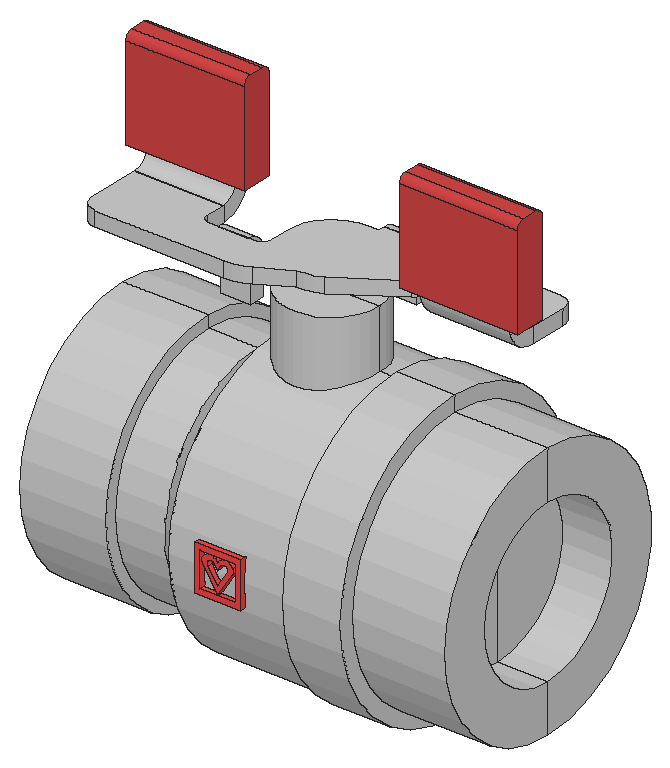
Revit family "Kugelhahn mit Knebelgriff (Blech) 2201", category Rohrzubehör, Revit 2018
Family settings
  Bemaßung runder Anschluss = Durchmesser verwenden
  Teiletyp = Unterbricht
  OmniClass-Nummer = 23.65.55.14
  OmniClass-Titel = Valves for Liquid Services
  Arbeitsebenenbasiert = Nein
  Immer vertikal = Ja
  Beim Laden mit Abzugskörper schneiden = Nein
  Gemeinsam genutzt = Nein
Parameters
  Min.Betriebstemperatur (Wasser) = 0.5 °C  # constant formula
  Min.Betriebstemperatur = -30 °C  # constant formula
  Max.Betriebstemperatur (Wasser - kein Dampf) = 110 °C  # constant formula
  Max.Betriebstemperatur = 150 °C  # constant formula
  Max.Betriebsdruck (Verschraubung) = 1600000.0 Pa  # constant formula
  Max.Betriebsdruck = 2500000.0 Pa  # constant formula
  W01 = 135.00°  # constant formula
  URL = "www.herz-armaturen.at"
  Spindeldichtung = "PTFE"  # constant formula
  Spindel = "Messing nach EN 12164, CW614N"  # constant formula
  SCRNSEQ = "ARM;ARM_TYP=\"ABVS\";2"
  SCRNCODE = "05;10;02"  # constant formula
  S02 [instance] = 2 * D01  # 51 mm
  S01 [instance] = L01 + L02 + L06  # 84.5 mm
  R01 [instance] = size_lookup("2201_3X_", "R1", 1 mm, Nennweite)  # 9.5 mm
  Nennweite [instance] = 32 mm
  Medium = "Heizungswasserqualität nach ÖNORM H 5195 oder VDI-Richtline 2035.\r\nDie Verwendung von Ethylen- oder Propylenglykol in einem Mischungsverhältnis 25 - 50% ist zulässig."
  L06 [instance] = size_lookup("2201_3X_", "L6", 1 mm, Nennweite)  # 18.5 mm
  L05 [instance] = size_lookup("2201_3X_", "L5", 1 mm, Nennweite)  # 34.8 mm
  L04 [instance] = size_lookup("2201_3X_", "L4", 1 mm, Nennweite)  # 11.5 mm
  L03 [instance] = size_lookup("2201_3X_", "L3", 1 mm, Nennweite)  # 17 mm
  L02 [instance] = size_lookup("2201_3X_", "L2", 1 mm, Nennweite)  # 24.5 mm
  L01 [instance] = size_lookup("2201_3X_", "L1", 1 mm, Nennweite)  # 41.5 mm
  Kugeldichtung = "PTFE"  # constant formula
  Kugel = "geschmiedetes Messing nach EN 12165, voller Durchgang, verchromt, CW617N"  # constant formula
  Innengewinde = "nach ISO 228-1"  # constant formula
  IG [instance] = Nennweite / 2  # 16 mm
  Hersteller = "HERZ Armaturen Ges.m.b.H"  # constant formula
  H01 [instance] = size_lookup("2201_3X_", "H1", 1 mm, Nennweite)  # 39 mm
  Griff = "Knebelgriff rot, Stahlblech beschichtet"  # constant formula
  Gewicht [instance] = if(Nennweite = 15 mm, 0.17, if(Nennweite = 20 mm, 0.246, if(Nennweite = 25 mm, 0.458, if(Nennweite = 32 mm, 0.712, 0))))  # 0.712
  Gehäuse = "geschmiedetes Messing nach EN 12165, vernickelt, CW617N"  # constant formula
  GT1 [instance] = size_lookup("2201_3X_", "GT1", 1 mm, Nennweite)  # 10 mm
  GT [instance] = size_lookup("2201_3X_", "GT", 1 mm, Nennweite)  # 16 mm
  Einsatzbereich = "Kugelhähne werden zum Absperren von Leitungen und Anlagen verwendet.\r\nEinsatzbereiche sind Heizungs- und Kälteanlagen.\r\nDer Kugelhahn ist nicht geeignet für die Durchflussregelung und muss immer in voll geöffneter oder geschlossener Position verwendet werden."
  DN25-DN32 [instance] = if(Nennweite = 25 mm, 38 mm, 43 mm)  # 43 mm
  DN25+DN32 [instance] = or(Nennweite = 25 mm, Nennweite = 32 mm)  # yes
  DN15-DN20 [instance] = if(Nennweite = 15 mm, 28 mm, 31 mm)  # 31 mm
  DN15+DN20 [instance] = or(Nennweite = 15 mm, Nennweite = 20 mm)  # no
  D05 [instance] = size_lookup("2201_3X_", "D5", 1 mm, Nennweite)  # 25.55 mm
  D04 [instance] = size_lookup("2201_3X_", "D4", 1 mm, Nennweite)  # 27.5 mm
  D03 [instance] = size_lookup("2201_3X_", "D3", 1 mm, Nennweite)  # 28.5 mm
  D02 [instance] = size_lookup("2201_3X_", "D2", 1 mm, Nennweite)  # 23.2 mm
  D01 [instance] = size_lookup("2201_3X_", "D1", 1 mm, Nennweite)  # 25.5 mm
  Bestellnummer [instance] = size_lookup("2201_3X_", "Artnr", 0, Nennweite)  # 1220134
  Anwendungen = "Der Kugelhahn wird in der Installation als Absperreinrichtung verwendet.\r\nAnwendungsgebiete sind Zentralheizungs- und Kälteanlagenlagen.\r\nDie Betriebsbedingungen (wie Temperatur und Druck) sollten dabei eingehalten werden."
Reference planes
  plane 1 "Mitte (Vorne/hinten)": y = 0
  plane 2: z = 0
  plane 3 "Mitte (Links/rechts)": x = 0
Forms (mm)
  Revolve 1, solid, material "Messing, vernickelt", detail levels fine
    sketch origin (0, 0, 0) x (1, 0, 0) y (0, 0, 1)
      loop
        line (24.5, 25.55) -> (24.5, 28.5) -> (13, 28.5) -> (13, 27.5) -> (-10.3, 27.5) -> (-14.6, 23.2) -> (-24.5, 23.2) -> (-24.5, 25.5) -> (-41.5, 25.5) -> (-41.5, 16) -> (-25.5, 16) -> (-25.5, 0) -> (33, 0) -> (33, 16) -> (43, 16) -> (43, 25.55) -> (24.5, 25.55)
      axis (-41.5, 0) -> (43, 0)
    angle from 0 to 360
  Revolve 2, solid, material "Messing, vernickelt", detail levels fine
    sketch origin (0, 0, 0) x (1, 0, 0) y (0, 0, 1)
      loop
        line (0, 0) -> (5.522, 0) -> (5.522, 8.202) -> (9.5, 8.202) -> (9.5, 39) -> (0, 39) -> (0, 0)
      axis (0, 39) -> (0, 0)
    angle from 0 to 360
Lines and regions (mm)
  model lines, detail levels coarse+medium
    curve 1: line (-42.25, 25.5, 0) -> (-42.25, -25.5, 0)
    curve 2: line (-42.25, -25.5, 0) -> (42.25, 25.5, 0)
    curve 3: line (42.25, 25.5, 0) -> (42.25, -25.5, 0)
    curve 4: line (42.25, -25.5, 0) -> (-42.25, 25.5, 0)
    curve 5: circle (0, 0, 0) r 25.5 normal (0, 0, 1)
    curve 6: line (-25.25, 0, 25.5) -> (-25.25, 0, -25.5)
    curve 7: line (-25.25, 0, -25.5) -> (59.25, 0, 25.5)
    curve 8: line (59.25, 0, 25.5) -> (59.25, 0, -25.5)
    curve 9: line (59.25, 0, -25.5) -> (-25.25, 0, 25.5)
    curve 10: circle (0, 0, 0) r 25.5 normal (0, -1, 0)
Dimensions and locks
  "L01": Revolve 1 sketch curve to plane 3 "Mitte (Links/rechts)"
  "L02": Revolve 1 sketch curve to plane 3 "Mitte (Links/rechts)"
  "D01": Revolve 1 sketch curve to plane 2
  "D02": Revolve 1 sketch curve to plane 2
  "L03": Revolve 1 sketch curve to Revolve 1 sketch curve
  "GT": Revolve 1 sketch curve to Revolve 1 sketch curve
  "IG": Revolve 1 sketch curve to plane 2
  "R01": Revolve 2 sketch curve to plane 3 "Mitte (Links/rechts)"
  "H01": Revolve 2 sketch curve to plane 2
  "D03": Revolve 1 sketch curve to plane 2
  "D04": Revolve 1 sketch curve to plane 2
  "L04": Revolve 1 sketch curve to Revolve 1 sketch curve
  "L05": Revolve 1 sketch curve to Revolve 1 sketch curve
  "IG": Revolve 1 sketch curve to Revolve 1 sketch curve
  "GT1": Revolve 1 sketch curve to Revolve 1 sketch curve
  "L06": Revolve 1 sketch curve to Revolve 1 sketch curve
  "D05": Revolve 1 sketch curve to Revolve 1 sketch curve
  "D04": nested 1 to plane 1 "Mitte (Vorne/hinten)"
  equal spacing: curve 2, plane 1 "Mitte (Vorne/hinten)", curve 4
  equal spacing: curve 4, plane 1 "Mitte (Vorne/hinten)", curve 3
  "S02": curve 4 to curve 2
  "S02": curve 3 to curve 4
  equal spacing: curve 1, plane 3 "Mitte (Links/rechts)", curve 3
  "S01": curve 1 to curve 3
  "S02": curve 9 to curve 7
  equal spacing: curve 9, plane 2, curve 7
  equal spacing: curve 8, plane 2, curve 9
  "S02": curve 8 to curve 9
  curve 6 to curve 8 = 84.5 mm
  "S01": curve 6 to curve 8
  "DN15-DN20": nested 2 to plane 2
  "DN25-DN32": nested 3 to plane 2
  "S02": diameter of curve 5
  "S02": diameter of curve 10
  "W01": angle Revolve 1 sketch curve to Revolve 1 sketch curve
  aligned and locked: level to plane 2
Automatic sketch dimensions
  curve 10 to level = 0 mm
  curve 10 to plane 3 "Mitte (Links/rechts)" = 0 mm
  curve 6 to plane 3 "Mitte (Links/rechts)" = 25.25 mm
  plane 1 "Mitte (Vorne/hinten)" to curve 5 = 0 mm
  curve 5 to plane 3 "Mitte (Links/rechts)" = 0 mm
  Revolve 1 sketch curve to level = 0 mm  (x2)
  Revolve 1 sketch curve to Revolve 1 sketch curve = 1481.63 mm
  Revolve 1 sketch curve to Revolve 1 sketch curve = 1814.648 mm
  Revolve 2 sketch curve to level = 0 mm
  Revolve 2 sketch curve to plane 3 "Mitte (Links/rechts)" = 0 mm  (x2)
  plane 3 "Mitte (Links/rechts)" to Revolve 2 sketch curve = 5.522 mm
  level to Revolve 2 sketch curve = 8.202 mm
  Revolve 2 sketch curve to Revolve 2 sketch curve = 366.045 mm
  Revolve 2 sketch curve to Revolve 2 sketch curve = 2190.315 mm
Nested families
  nested 1: "Herz-Logo-vorne" at (0, -27.5, 0) x (0, 1, 0) z (0, 0, 1), type "Herz-Logo-vorne", detail levels fine
  nested 2: "Knebelgriff (Blech) DN15-DN20" at (0, 0, 31), visible <- "DN15+DN20", type "Knebelgriff (Blech) DN15-DN20"
  nested 3: "Knebelgriff (Blech) DN25-DN32" at (0, 0, 43), visible <- "DN25+DN32", type "Knebelgriff (Blech) DN25-DN32"
Connectors
  piping at (6.5, 0, 0), diameter 32, driven by "Nennweite"
    settings: on Revolve 1, index 1, connector inside diameter 609.6 mm, connector length 0 mm, flow factor 0, pipe flow 0.0 L/s, pressure drop 0.0 Pa, fitting loss kfactor 0, connector angle 0.00°, fixture units 0, engagement length 0 mm, angle of deflection 0.00°, flow configuration 0, flow direction 0, fitting loss method 0, system type 7, joint type 0, gender type 0, connector reference index -1, connector utility 0, adjustable connector no, is connector primary yes, connector description ""
  piping at (-25.5, 0, 0), diameter 32, driven by "Nennweite"
    settings: on Revolve 1, index 2, connector inside diameter 609.6 mm, connector length 0 mm, flow factor 0, pipe flow 0.0 L/s, pressure drop 0.0 Pa, fitting loss kfactor 0, connector angle 0.00°, fixture units 0, engagement length 0 mm, angle of deflection 0.00°, flow configuration 0, flow direction 0, fitting loss method 0, system type 7, joint type 0, gender type 0, connector reference index -1, connector utility 0, adjustable connector no, is connector primary no, connector description ""
Definition of nested family "Herz-Logo-vorne"
  Reference planes
    plane 1 "Mitte (Vorne/hinten)": y = 0
    plane 2: z = 0
    plane 3 "Mitte (Links/rechts)": x = 0
  Forms (mm)
    Extrusion 1, solid
      sketch origin (0.732, -0.018, 0.017) x (0, -1, 0) y (0, 0, 1)
        loop
          line (-0.018, -4.517) -> (4.482, -4.517) -> (4.482, 4.483) -> (-4.518, 4.483) -> (-4.518, -4.517) -> (-0.018, -4.517)
        loop
          line (-0.05, -3.48) -> (3.482, -3.48) -> (3.482, 3.483) -> (-3.518, 3.483) -> (-3.518, -3.48) -> (-0.05, -3.48)
        loop
          arc (-0.018, 2.383) -> (-1.543, 3.287) -> (-3.067, 2.383) r 1.738
          arc (-3.067, 2.383) -> (-3.191, 1.899) -> (-3.067, 1.415) r 1.009
          line (-3.067, 1.415) -> (-0.018, -3.281) -> (3.032, 1.415)
          arc (3.032, 1.415) -> (3.156, 1.899) -> (3.032, 2.383) r 1.009
          arc (3.032, 2.383) -> (1.507, 3.287) -> (-0.018, 2.383) r 1.738
        loop
          arc (1.885, 1.272) -> (2.005, 1.675) -> (1.885, 2.079) r 0.74
          arc (1.885, 2.079) -> (1.265, 2.416) -> (0.644, 2.079) r 0.74
          line (0.644, 2.079) -> (-0.018, 0.97) -> (-0.679, 2.079)
          arc (-0.679, 2.079) -> (-1.3, 2.416) -> (-1.921, 2.079) r 0.74
          arc (-1.921, 2.079) -> (-2.04, 1.675) -> (-1.921, 1.272) r 0.74
          line (-1.921, 1.272) -> (-0.018, -1.658) -> (1.885, 1.272)
      from 0 to 1.5
  Dimensions and locks
    aligned and locked: level to plane 2
Definition of nested family "Knebelgriff (Blech) DN15-DN20"
  Reference planes
    plane 1 "Mitte (Vorne/hinten)": y = 0
    plane 2: z = 0
    plane 3 "Mitte (Links/rechts)": x = 0
  Forms (mm)
    Extrusion 1, solid, detail levels fine
      sketch origin (0, 0, 0) x (1, 0, 0) y (0, 1, 0)
        loop
          line (-7, 0) -> (-7, -3.8)
          arc (-7, -3.8) -> (-7.439, -4.861) -> (-8.5, -5.3) r 1.5
          line (-8.5, -5.3) -> (-14.5, -5.3)
          arc (-14.5, -5.3) -> (-15.561, -4.861) -> (-16, -3.8) r 1.5
          line (-16, -3.8) -> (-16, 0) -> (-28, 0) -> (-28, -8.1)
          arc (-28, -8.1) -> (-27.121, -10.221) -> (-25, -11.1) r 3
          line (-25, -11.1) -> (-3.453, -11.1)
          arc (-3.453, -11.1) -> (-2.496, -10.91) -> (-1.685, -10.368) r 2.5
          line (-1.685, -10.368) -> (4.443, -4.24)
          arc (4.443, -4.24) -> (5.743, -2.295) -> (6.2, 0) r 6
          arc (6.2, 0) -> (6.64, 1.06) -> (7.7, 1.499) r 1.5
          line (7.7, 1.499) -> (15.1, 1.499)
          arc (15.1, 1.499) -> (16.16, 1.06) -> (16.6, 0) r 1.5
          line (16.6, 0) -> (28.6, 0) -> (28.6, 4)
          arc (28.6, 4) -> (27.721, 6.121) -> (25.6, 7) r 3
          line (25.6, 7) -> (0, 7)
          arc (0, 7) -> (-4.95, 4.95) -> (-7, 0) r 7
      from 0 to 2.5
    Extrusion 2, solid, detail levels fine
      sketch origin (0, 0, 0) x (0, 1, 0) y (0, 0, 1)
        loop
          arc (2.5, 5) -> (1.768, 3.232) -> (0, 2.5) r 2.5
          line (0, 2.5) -> (0, 0)
          arc (0, 0) -> (3.536, 1.464) -> (5, 5) r 5
          line (5, 5) -> (5, 6) -> (2.5, 6) -> (2.5, 5)
      from -28 to -16
    Extrusion 3, solid, detail levels fine
      sketch origin (0, 5.3, 0) x (0, 1, 0) y (0, 0, 1)
        loop
          line (-7.8, 5) -> (-7.8, 6) -> (-10.3, 6) -> (-10.3, 5)
          arc (-10.3, 5) -> (-8.836, 1.464) -> (-5.3, 0) r 5
          line (-5.3, 0) -> (-5.3, 2.5)
          arc (-5.3, 2.5) -> (-7.068, 3.232) -> (-7.8, 5) r 2.5
      from 16.6 to 28.6
    Extrusion 4, solid, detail levels fine
      sketch origin (0, 0, 0) x (0, 1, 0) y (0, 0, 1)
        loop
          line (5.75, 6) -> (5.75, 17.041)
          arc (5.75, 17.041) -> (5.469, 17.719) -> (4.791, 18) r 0.959
          line (4.791, 18) -> (2.773, 18)
          arc (2.773, 18) -> (2.05, 17.7) -> (1.75, 16.977) r 1.023
          line (1.75, 16.977) -> (1.75, 6) -> (5.75, 6)
      from -29.7 to -14.3
    Extrusion 5, solid, detail levels fine
      sketch origin (0, 0, 0) x (0, 1, 0) y (0, 0, 1)
        loop
          line (-5.75, 6) -> (-1.75, 6) -> (-1.75, 17)
          arc (-1.75, 17) -> (-2.043, 17.707) -> (-2.75, 18) r 1
          line (-2.75, 18) -> (-4.75, 18)
          arc (-4.75, 18) -> (-5.457, 17.707) -> (-5.75, 17) r 1
          line (-5.75, 17) -> (-5.75, 6)
      from 30.3 to 14.9
    Extrusion 6, solid, detail levels fine
      sketch origin (0, 0, 0) x (0, 1, 0) y (0, 0, 1)
        loop
          line (9, -2) -> (9, -8) -> (11.5, -8) -> (11.5, -2)
          arc (11.5, -2) -> (10.182, 1.182) -> (7, 2.5) r 4.5
          line (7, 2.5) -> (7, 0)
          arc (7, 0) -> (8.414, -0.586) -> (9, -2) r 2
      from 8.1 to 2.1
    Extrusion 7, solid, detail levels fine
      sketch origin (0, 0, 0) x (0, 1, 0) y (0, 0, 1)
        loop
          line (-4.3, -1) -> (-4.3, -8) -> (-1.8, -8) -> (-1.8, -1)
          arc (-1.8, -1) -> (-2.825, 1.475) -> (-5.3, 2.5) r 3.5
          line (-5.3, 2.5) -> (-5.3, 0)
          arc (-5.3, 0) -> (-4.593, -0.293) -> (-4.3, -1) r 1
      from -14.5 to -8.5
  Dimensions and locks
    aligned and locked: level to plane 2
Definition of nested family "Knebelgriff (Blech) DN25-DN32"
  Reference planes
    plane 1 "Mitte (Vorne/hinten)": y = 0
    plane 2: z = 0
    plane 3 "Mitte (Links/rechts)": x = 0
  Forms (mm)
    Extrusion 1, solid, detail levels fine
      sketch origin (0, 0, 0) x (1, 0, 0) y (0, 1, 0)
        loop
          arc (0, 9) -> (-6.364, 6.364) -> (-9, 0) r 9
          line (-9, 0) -> (-9, -4.1)
          arc (-9, -4.1) -> (-9.439, -5.161) -> (-10.5, -5.6) r 1.5
          line (-10.5, -5.6) -> (-20, -5.6)
          arc (-20, -5.6) -> (-21.061, -5.161) -> (-21.5, -4.1) r 1.5
          line (-21.5, -4.1) -> (-21.5, 0) -> (-39.1, 0) -> (-39.1, -10.6)
          arc (-39.1, -10.6) -> (-38.221, -12.721) -> (-36.1, -13.6) r 3
          line (-36.1, -13.6) -> (-10.5, -13.6)
          arc (-10.5, -13.6) -> (-8.037, -13.275) -> (-5.742, -12.323) r 9.5
          line (-5.742, -12.323) -> (0, -9)
          arc (0, -9) -> (2.463, -8.675) -> (4.758, -7.723) r 9.5
          line (4.758, -7.723) -> (16.029, -0.25)
          arc (16.029, -0.25) -> (16.522, 0.291) -> (16.7, 1) r 1.5
          arc (16.7, 1) -> (17.139, 2.061) -> (18.2, 2.5) r 1.5
          line (18.2, 2.5) -> (20.9, 2.5)
          arc (20.9, 2.5) -> (21.961, 2.061) -> (22.4, 1) r 1.5
          line (22.4, 1) -> (22.4, 0) -> (40, 0) -> (40, 7.5)
          arc (40, 7.5) -> (39.121, 9.621) -> (37, 10.5) r 3
          line (37, 10.5) -> (2.1, 10.5) -> (2.1, 9) -> (0, 9)
      from 0 to 3
    Extrusion 2, solid, detail levels fine
      sketch origin (0, 0, 0) x (0, 1, 0) y (0, 0, 1)
        loop
          arc (3, 6) -> (2.121, 3.879) -> (0, 3) r 3
          line (0, 3) -> (0, 0)
          arc (0, 0) -> (4.243, 1.757) -> (6, 6) r 6
          line (6, 6) -> (3, 6)
      from -39.1 to -21.5
    Extrusion 3, solid, detail levels fine
      sketch origin (0, 0, 0) x (0, 1, 0) y (0, 0, 1)
        loop
          arc (0, 3) -> (-2.121, 3.879) -> (-3, 6) r 3
          line (-3, 6) -> (-6, 6)
          arc (-6, 6) -> (-4.243, 1.757) -> (0, 0) r 6
          line (0, 0) -> (0, 3)
      from 22.4 to 40
    Extrusion 4, solid, detail levels fine
      sketch origin (0, 0, 0) x (0, 1, 0) y (0, 0, 1)
        loop
          line (7.5, 6) -> (7.5, 24.5)
          arc (7.5, 24.5) -> (7.061, 25.561) -> (6, 26) r 1.5
          line (6, 26) -> (3, 26)
          arc (3, 26) -> (1.939, 25.561) -> (1.5, 24.5) r 1.5
          line (1.5, 24.5) -> (1.5, 6) -> (7.5, 6)
      from -42.05 to -18.55
    Extrusion 5, solid, detail levels fine
      sketch origin (0, 0, 0) x (0, 1, 0) y (0, 0, 1)
        loop
          line (-7.5, 6) -> (-1.5, 6) -> (-1.5, 24.5)
          arc (-1.5, 24.5) -> (-1.939, 25.561) -> (-3, 26) r 1.5
          line (-3, 26) -> (-6, 26)
          arc (-6, 26) -> (-7.061, 25.561) -> (-7.5, 24.5) r 1.5
          line (-7.5, 24.5) -> (-7.5, 6)
      from 19.45 to 42.95
    Extrusion 6, solid, detail levels fine
      sketch origin (0, 0, 0) x (0, 1, 0) y (0, 0, 1)
        loop
          arc (14, -0.5) -> (12.975, 1.975) -> (10.5, 3) r 3.5
          line (10.5, 3) -> (10.5, 0)
          arc (10.5, 0) -> (10.854, -0.146) -> (11, -0.5) r 0.5
          line (11, -0.5) -> (11, -9) -> (14, -9) -> (14, -0.5)
      from 2.1 to 8.1
    Extrusion 7, solid, detail levels fine
      sketch origin (0, -16.1, 0) x (0, 1, 0) y (0, 0, 1)
        loop
          arc (14, -0.5) -> (12.975, 1.975) -> (10.5, 3) r 3.5
          line (10.5, 3) -> (10.5, 0)
          arc (10.5, 0) -> (10.854, -0.146) -> (11, -0.5) r 0.5
          line (11, -0.5) -> (11, -9) -> (14, -9) -> (14, -0.5)
      from -12 to -18
  Dimensions and locks
    aligned and locked: level to plane 2
